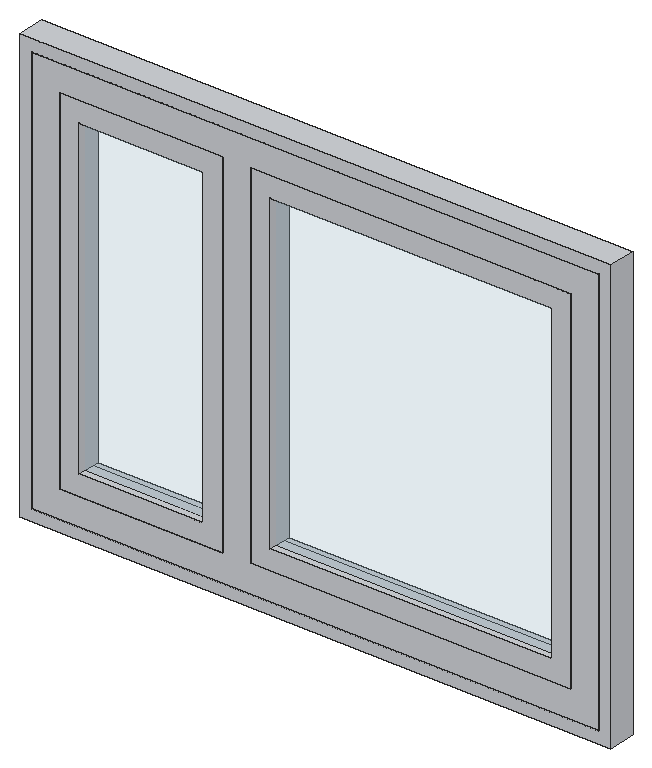
Revit family "AVLN_Окно_2 створки", category Окна, Revit 2021
Family settings
  Основа = Стена
  Номер OmniClass = 23.30.20.00
  Заголовок OmniClass = Windows
  Всегда вертикально = Да
  При загрузке вырезать с полостями = Нет
  Общий = Нет
  Точка принадлежности помещению = Нет
Parameters (values of type "1100х1500")
  Ширина рамы = 70 mm
  Ширина импоста = 50 mm
  Четверть слева/справа = 50 mm
  Четверть низ = 0 mm  # constant formula
  Четверть верх = 50 mm
  Створка_толщина = 25 mm  # constant formula
  Толщина основы [instance] = 200 mm
  Створка_справа_ширина = Width - ((Ширина рамы * 3) + (Монтажный зазор * 2) + Створка_слева_ширина)  # 815 mm
  Створка_слева_ширина = 415 mm
  Створка_профиль = 50 mm
  Створка_высота = Height - Монтажный зазор * 2 - Ширина рамы * 2  # 900 mm
  Рабочая зона = no
  Определить тепловые свойства по = Тип схем
  Группа модели = "Окно"
  Верх право открывание = АВЛН_Створка открывная : Створка откидная
  Верх лево открывание = АВЛН_Створка открывная : Створка откидная
  Rough Width = Width - Монтажный зазор * 2  # 1440 mm
  Rough Height = Height - Монтажный зазор * 2  # 1040 mm
  Подстановочный профиль_Ширина = 20 mm  # constant formula
  Подстановочный профиль_Толщина = 60 mm
  Подоконник_Толщина = 20 mm
  Подоконник_Длина = Width  # 1500 mm
  Подоконник_Глубина = 280 mm
  Подоконник = no
  Низ право открывание = АВЛН_Створка открывная : Створка глухая
  Низ лево открывание = АВЛН_Створка открывная : Створка глухая
  Глубина вставки = 0 mm
  Отлив_Толщина = 1 mm  # constant formula
  Отлив_Длина = Width - [Четверть слева/справа] * 2  # 1400 mm
  Отлив_Глубина = 280 mm
  Отлив = no
  Откос_Н.Ширина = Width - 2 * [Четверть слева/справа]  # 1400 mm
  Откос_Н.Толщина.8 = 32 mm
  Откос_Н.Толщина.7 = 28 mm
  Откос_Н.Толщина.6 = 24 mm
  Откос_Н.Толщина.5 = 20 mm
  Откос_Н.Толщина.4 = 16 mm
  Откос_Н.Толщина.3 = 12 mm
  Откос_Н.Толщина.2 = 8 mm
  Откос_Н.Толщина.1 = 4 mm
  Откос_Н.Отступ_П = 0 mm  # constant formula
  Откос_Н.Отступ_Л = 0 mm  # constant formula
  Откос_Н.Количество слоев = 0
  Откос_Н.Глубина = 150 mm
  Откос_Н.Высота = Height - Четверть верх - Четверть низ  # 1050 mm
  Откос_В.Толщина.8 = 32 mm
  Откос_В.Толщина.7 = 28 mm
  Откос_В.Толщина.6 = 24 mm
  Откос_В.Толщина.5 = 20 mm
  Откос_В.Толщина.4 = 16 mm
  Откос_В.Толщина.3 = 12 mm
  Откос_В.Толщина.2 = 8 mm
  Откос_В.Толщина.1 = 4 mm
  Откос_В.Отступ_П [instance] = Монтажный зазор + Подоконник_Толщина  # 50 mm
  Откос_В.Отступ_Л [instance] = Монтажный зазор + Подоконник_Толщина  # 50 mm
  Откос_В.Количество слоев = 0
  Откос_В.Глубина [instance] = Толщина основы - Глубина вставки - Ширина рамы  # 130 mm
  Монтажный зазор = 30 mm
  М.Подоконник = none
  М.Отлив = none
  М.Откос_Н.8 = none
  М.Откос_Н.7 = none
  М.Откос_Н.6 = none
  М.Откос_Н.5 = none
  М.Откос_Н.4 = none
  М.Откос_Н.3 = none
  М.Откос_Н.2 = none
  М.Откос_Н.1 = ADSK_Полимеры_ Поливинилхлорид_(ПВХ) белый
  М.Откос_В.8 = none
  М.Откос_В.7 = none
  М.Откос_В.6 = none
  М.Откос_В.5 = none
  М.Откос_В.4 = none
  М.Откос_В.3 = none
  М.Откос_В.2 = none
  М.Откос_В.1 = ADSK_Полимеры_ Поливинилхлорид_(ПВХ) белый
  М.Монтажного зазора = none
  М.Стекла = Стекло
  М.Рамы = none
  М.Подоконный профиль = none
  Type Comments = ""
  Height = 1100 mm
  Высота подоконника по умолчанию = 800 mm
  Замыкание стены = По основе
  Width = 1500 mm
  Аналитическая конструкция = "<Нет>"
  АВЛН_Проем_Ширина [instance] = Width  # 1500 mm
  АВЛН_Проем_Высота [instance] = Height  # 1100 mm
  ADSK_Этаж [instance] = ""
  ADSK_Размер_Ширина = Width  # 1500 mm
  ADSK_Размер_Высота = Height  # 1100 mm
  ADSK_Примечание [instance] = ""
  ADSK_Обозначение = "ГОСТ 30674-99"
  ADSK_Номер секции [instance] = ""
  ADSK_Наименование = "ОП Б2 (4М1-12-4М1-12-И4)"
  ADSK_Марка = ""
  ADSK_Группирование = ""
  -----------Разрезка----------- = "-----------"  # constant formula
  -----------Профили----------- = "-----------"  # constant formula
  -----------Подоконник----------- = "-----------"  # constant formula
  -----------Отлив----------- = "-----------"  # constant formula
  -----------Откос----------- = "-----------"  # constant formula
  -----------Основные габариты----------- = "-----------"  # constant formula
  -----------Вставка----------- = "-----------"  # constant formula
Types (3, lengths in mm): name | Створка_справа_ширина | Створка_слева_ширина | Створка_высота | Рабочая зона | Верх право открывание | Верх лево открывание | Rough Width | Rough Height | Подоконник_Длина | Подоконник | Отлив_Длина | Отлив | Откос_Н.Ширина | Откос_Н.Высота | М.Стекла | М.Рамы | Height | Width | АВЛН_Проем_Ширина | АВЛН_Проем_Высота | ADSK_Размер_Ширина | ADSK_Размер_Высота
  1100х1500 | 815 | 415 | 900 | no | АВЛН_Створка открывная : Створка откидная | АВЛН_Створка открывная : Створка откидная | 1440 | 1040 | 1500 | no | 1400 | no | 1400 | 1050 | Стекло | none | 1100 | 1500 | 1500 | 1100 | 1500 | 1100
  ОК-9.1 2150х1850 | 790 | 790 | 1950 | yes | АВЛН_Створка открывная : Створка повороно-откидная правая | АВЛН_Створка открывная : Створка глухая | 1790 | 2090 | 1850 | yes | 1750 | yes | 1750 | 2100 | ADSK_Стекло_Прозрачное бесцветное | RAL 7016 | 2150 | 1850 | 1850 | 2150 | 1850 | 2150
  ОК-9 1850х1850 | 790 | 790 | 1650 | yes | АВЛН_Створка открывная : Створка повороно-откидная правая | АВЛН_Створка открывная : Створка глухая | 1790 | 1790 | 1850 | yes | 1750 | yes | 1750 | 1800 | ADSK_Стекло_Прозрачное бесцветное | RAL 7016 | 1850 | 1850 | 1850 | 1850 | 1850 | 1850
Reference planes
  plane 1 "По центру (Вперед/Назад)": y = 0
  plane 2 "По центру (Влево/Вправо)": x = 0
  plane 3 "Слева": x = -750
  plane 4 "Справа": x = 750
  plane 5 "Подоконник": z = 800
  plane 6 "Заголовок": z = 1900
  plane 7 "Наружный": y = 100
  plane 8 "Внутренние": y = -100
  plane 9 "Окно": y = 100
  plane 10: x = 720
  plane 11: z = 1870
  plane 12: x = -720
  plane 13: z = 830
  plane 14: x = 700
  plane 15: x = -700
  plane 16: z = 1350
  plane 17: y = 600
  plane 18: y = -400
  plane 19: z = 1850
  plane 20 "Чет. низ": z = 800
  plane 21 "Внутряння грань": y = 30
  plane 22: y = 80
  plane 23: z = 900
  plane 24: z = 1800
  plane 25: x = -650
  plane 26: x = 650
  plane 27 "5": x = -235
  plane 28 "6": x = -165
  plane 29 "9": x = 0
  plane 30 "10": x = 242.5
  plane 31 "11": x = -442.5
  plane 32: y = -785
Forms (mm)
  Extrusion 1, void
    sketch origin (0, 100, 0) x (1, 0, 0) y (0, 0, 1)
      loop
        line (700, 1850) -> (-700, 1850) -> (-700, 800) -> (700, 800) -> (700, 1850)
    from -500 to 20
  Extrusion 2, void
    sketch origin (0, 100, 0) x (1, 0, 0) y (0, 0, 1)
      loop
        line (750, 1900) -> (-750, 1900) -> (-750, 800) -> (750, 800) -> (750, 1900)
    from 0 to 500
  Extrusion 3, solid, material <- "М.Монтажного зазора", detail levels medium+fine
    sketch origin (0, 100, 0) x (1, 0, 0) y (0, 0, 1)
      loop
        line (750, 1900) -> (-750, 1900) -> (-750, 800) -> (750, 800) -> (750, 1900)
      loop
        line (-720, 1870) -> (-720, 830) -> (720, 830) -> (720, 1870) -> (-720, 1870)
    from 0 to 70
  Extrusion 4, solid, material <- "М.Рамы", detail levels medium+fine
    sketch origin (0, 100, 0) x (-1, 0, 0) y (0, 0, 1)
      loop
        line (-720, 1870) -> (-720, 830) -> (720, 830) -> (720, 1870) -> (-720, 1870)
      loop
        line (235, 1800) -> (235, 900) -> (650, 900) -> (650, 1800) -> (235, 1800)
      loop
        line (165, 1800) -> (-650, 1800) -> (-650, 900) -> (165, 900) -> (165, 1800)
    from -70 to 0
Lines and regions (mm)
  reference lines
    curve 1: line (-200, -100, 1900) -> (-200, -100, 800)
  model lines, style "Рабочая зона", visible <- "Рабочая зона"
    curve 2: line (750, 30, 800) -> (750, -785, 800)
    curve 3: line (-750, 30, 800) -> (-750, -785, 800)
    curve 4: line (-750, -785, 800) -> (750, -785, 800)
Text (mm)
  text "EXTERIOR" at (-1963.203, 1332.353, 0), in view "Опорный уровень"
  text "INTERIOR" at (-1981.466, -818.386, 0), in view "Опорный уровень"
  text "Наружный" at (0, 923.751, 2943.296), in view "Справа"
  text "Наружный" at (0, 1240.237, 2685.409), in view "Слева"
Dimensions and locks
  equal spacing: plane 3 "Слева", plane 2 "По центру (Влево/Вправо)", plane 4 "Справа"
  "Width": plane 3 "Слева" to plane 4 "Справа"
  "Height": plane 5 "Подоконник" to plane 6 "Заголовок"
  "Высота подоконника по умолчанию": plane 5 "Подоконник" to level
  locked: plane 7 "Наружный" to host wall
  locked: plane 8 "Внутренние" to host wall
  "Глубина вставки": plane 9 "Окно" to plane 7 "Наружный"
  "Монтажный зазор": plane 10 to plane 4 "Справа"
  "Монтажный зазор": plane 3 "Слева" to plane 12
  "Монтажный зазор": plane 11 to plane 6 "Заголовок"
  "Монтажный зазор": plane 5 "Подоконник" to plane 13
  "Четверть слева/справа": plane 14 to plane 4 "Справа"
  "Четверть слева/справа": plane 3 "Слева" to plane 15
  equal spacing: plane 5 "Подоконник", plane 16, plane 6 "Заголовок"
  plane 7 "Наружный" to plane 17 = 500 mm
  locked: plane 18 to plane 8 "Внутренние" at 300
  "Четверть верх": plane 19 to plane 6 "Заголовок"
  "Четверть низ": plane 5 "Подоконник" to plane 20 "Чет. низ"
  "Ширина рамы": plane 9 "Окно" to plane 21 "Внутряння грань"
  "Толщина основы": host wall to host wall
  locked: plane 22 to plane 21 "Внутряння грань" at 50
  "Ширина рамы": plane 26 to plane 10
  "Ширина рамы": plane 12 to plane 25
  "Ширина рамы": plane 13 to plane 23
  "Ширина рамы": plane 24 to plane 11
  "Створка_слева_ширина": plane 25 to plane 27 "5"
  "Ширина рамы": plane 27 "5" to plane 28 "6"
  equal spacing: plane 27 "5", curve 1, plane 28 "6"
  equal spacing: plane 28 "6", plane 30 "10", plane 26
  equal spacing: plane 25, plane 31 "11", plane 27 "5"
  plane 28 "6" to nested 6 to plane 26 = 407.5 mm, 407.5 mm
  "Створка_справа_ширина": plane 21 "Внутряння грань" to plane 32
  aligned and locked: Extrusion 1 sketch curve to plane 14
  aligned and locked: plane 15 to Extrusion 1 sketch curve
  aligned and locked: plane 17 to Extrusion 1
  aligned and locked: Extrusion 2 sketch curve to plane 6 "Заголовок"
  aligned and locked: Extrusion 2 sketch curve to plane 4 "Справа"
  aligned and locked: plane 5 "Подоконник" to Extrusion 2 sketch curve
  aligned and locked: plane 3 "Слева" to Extrusion 2 sketch curve
  aligned and locked: plane 9 "Окно" to Extrusion 2
  aligned and locked: Extrusion 2 to plane 18
  aligned and locked: Extrusion 1 sketch curve to plane 19
  aligned and locked: plane 20 "Чет. низ" to Extrusion 1 sketch curve
  aligned and locked: plane 9 "Окно" to nested 1
  aligned and locked: plane 2 "По центру (Влево/Вправо)" to nested 1
  aligned and locked: nested 2 to plane 21 "Внутряння грань"
  aligned and locked: nested 2 to plane 2 "По центру (Влево/Вправо)"
  aligned and locked: nested 3 to plane 2 "По центру (Влево/Вправо)"
  aligned and locked: plane 8 "Внутренние" to nested 3
  aligned and locked: nested 4 to plane 9 "Окно"
  aligned and locked: Extrusion 3 sketch curve to plane 6 "Заголовок"
  aligned and locked: Extrusion 3 sketch curve to plane 4 "Справа"
  aligned and locked: Extrusion 3 sketch curve to nested 2  (x2)
  aligned and locked: Extrusion 3 sketch curve to plane 11
  aligned and locked: Extrusion 3 sketch curve to plane 12
  aligned and locked: Extrusion 3 sketch curve to plane 13
  aligned and locked: plane 10 to Extrusion 3 sketch curve
  aligned and locked: Extrusion 3 to nested 2
  aligned and locked: plane 12 to Extrusion 4 sketch curve
  aligned and locked: plane 13 to Extrusion 4 sketch curve
  aligned and locked: Extrusion 4 sketch curve to plane 24
  aligned and locked: Extrusion 4 sketch curve to plane 11
  aligned and locked: plane 20 "Чет. низ" to nested 4
  aligned and locked: nested 4 to plane 2 "По центру (Влево/Вправо)"
  aligned and locked: plane 9 "Окно" to Extrusion 3
  aligned and locked: Extrusion 4 to plane 21 "Внутряння грань"
  aligned and locked: plane 9 "Окно" to Extrusion 4
  aligned and locked: Extrusion 1 to plane 22
  aligned and locked: Extrusion 4 sketch curve to plane 10
  aligned and locked: plane 24 to Extrusion 4 sketch curve
  aligned and locked: Extrusion 4 sketch curve to plane 23
  aligned and locked: Extrusion 4 sketch curve to plane 26
  aligned and locked: Extrusion 4 sketch curve to plane 28 "6"
  aligned and locked: plane 6 "Заголовок" to curve 1
  aligned and locked: plane 5 "Подоконник" to curve 1
  aligned and locked: plane 30 "10" to nested 6
  aligned and locked: plane 31 "11" to nested 5
  aligned and locked: plane 23 to Extrusion 4
  aligned and locked: plane 16 to nested 5
  aligned and locked: plane 16 to nested 6
  aligned and locked: plane 3 "Слева" to curve 3
  aligned and locked: plane 4 "Справа" to curve 2
  aligned and locked: curve 4 to plane 32
Automatic sketch dimensions
  plane 25 to Extrusion 4 sketch curve = 0 mm
  plane 23 to Extrusion 4 sketch curve = 0 mm
  plane 27 "5" to Extrusion 4 sketch curve = 0 mm
  curve 3 to plane 21 "Внутряння грань" = 0 mm
  curve 2 to plane 21 "Внутряння грань" = 0 mm
Nested families
  nested 1: "Отлив" at (0, 100, 800) x (-1, 0, 0) z (0, 0, 1), Глубина отлива <- "Отлив_Глубина", Длина отлива <- "Отлив_Длина", ТО <- "Отлив_Толщина", Ш_МЗЗ <- "Монтажный зазор", Ш_ПП <- "Подстановочный профиль_Ширина", ADSK_Группирование <- "ADSK_Группирование", ADSK_Номер секции <- "ADSK_Номер секции", ADSK_Этаж <- "ADSK_Этаж", visible <- "Отлив", М <- "М.Отлив", type "Отлив", detail levels fine
    with Ш_ПП 20 mm, Ш_МЗЗ 30 mm, ТО 1 mm, М none, Длина отлива 1400 mm, Глубина отлива 280 mm, ADSK_Этаж "", ADSK_Примечание "", ADSK_Обозначение "", ADSK_Номер секции "", ADSK_Наименование "", ADSK_Марка "", ADSK_Группирование ""
  nested 2: "Подоконник" at (0, 30, 800), Глубина подоконника <- "Подоконник_Глубина", Длина отлива <- "Подоконник_Длина", ТП <- "Подоконник_Толщина", Ш_МЗЗ <- "Монтажный зазор", Ш_ПП <- "Подстановочный профиль_Ширина", ADSK_Группирование <- "ADSK_Группирование", ADSK_Этаж <- "ADSK_Этаж", visible <- "Подоконник", М <- "М.Подоконник", type "Подоконник", detail levels fine
    with Ш_ПП 20 mm, Ш_МЗЗ 30 mm, ТП 20 mm, М none, Длина отлива 1500 mm, Глубина подоконника 280 mm, ADSK_Этаж "", ADSK_Размер_Длина 1500 mm, ADSK_Размер_Глубина 280 mm, ADSK_Номер секции "", ADSK_Марка "", ADSK_Группирование ""
  nested 3: "AVLN_Откосы_R19" at (0, -100, 0), Глубина <- "Откос_В.Глубина", Высота от уровня <- "Высота подоконника по умолчанию", ADSK_Группирование <- "Type Comments", ADSK_Этаж <- "ADSK_Этаж", ADSK_Номер секции <- "ADSK_Номер секции", Материал_1 <- "М.Откос_В.1", Материал_2 <- "М.Откос_В.2", Материал_3 <- "М.Откос_В.3", Материал_4 <- "М.Откос_В.4", Материал_5 <- "М.Откос_В.5", Материал_6 <- "М.Откос_В.6", Материал_7 <- "М.Откос_В.7", Материал_8 <- "М.Откос_В.8", Толщина_1 <- "Откос_В.Толщина.1", Толщина_2 <- "Откос_В.Толщина.2", Толщина_3 <- "Откос_В.Толщина.3", Толщина_4 <- "Откос_В.Толщина.4", Толщина_5 <- "Откос_В.Толщина.5", Толщина_6 <- "Откос_В.Толщина.6", Толщина_7 <- "Откос_В.Толщина.7", Толщина_8 <- "Откос_В.Толщина.8", Количество слоев <- "Откос_В.Количество слоев", Отступ_Л <- "Откос_В.Отступ_Л", Отступ_П <- "Откос_В.Отступ_П", Высота <- "Height", Ширина <- "Width", type "AVLN_Откосы_R19"
    with Ширина_8 1276 mm, Ширина_7 1332 mm, Ширина_6 1380 mm, Ширина_5 1420 mm, Ширина_4 1452 mm, Ширина_3 1476 mm, Ширина_2 1492 mm, Ширина 1500 mm, Толщина_8 32 mm, Толщина_7 28 mm, Толщина_6 24 mm, Толщина_5 20 mm, Толщина_4 16 mm, Толщина_3 12 mm, Толщина_2 8 mm, Толщина_1 4 mm, Отступ_П 50 mm, Отступ_Л 50 mm, Материал_8 none, Материал_7 none, Материал_6 none, Материал_5 none, Материал_4 none, Материал_3 none, Материал_2 none, Материал_1 ADSK_Полимеры_ Поливинилхлорид_(ПВХ) белый, Количество слоев 0, Глубина 130 mm, Высота_8 988 mm, Высота_7 1016 mm, Высота_6 1040 mm, Высота_5 1060 mm, Высота_4 1076 mm, Высота_3 1088 mm, Высота_2 1096 mm, Высота от уровня 800 mm, Высота 1100 mm, Видимость_8 no, Видимость_7 no, Видимость_6 no, Видимость_5 no, Видимость_4 no, Видимость_3 no, Видимость_2 no, Видимость_1 no, ADSK_Этаж "", ADSK_Номер секции "", ADSK_Группирование ""
  nested 4: "AVLN_Откосы_R19" at (0, 100, 0), Ширина <- "Откос_Н.Ширина", Глубина <- "Откос_Н.Глубина", Высота <- "Откос_Н.Высота", Высота от уровня <- "Высота подоконника по умолчанию", ADSK_Группирование <- "Type Comments", ADSK_Этаж <- "ADSK_Этаж", ADSK_Номер секции <- "ADSK_Номер секции", Материал_1 <- "М.Откос_Н.1", Материал_2 <- "М.Откос_Н.2", Материал_3 <- "М.Откос_Н.3", Материал_4 <- "М.Откос_Н.4", Материал_5 <- "М.Откос_Н.5", Материал_6 <- "М.Откос_Н.6", Материал_7 <- "М.Откос_Н.7", Материал_8 <- "М.Откос_Н.8", Толщина_1 <- "Откос_Н.Толщина.1", Толщина_2 <- "Откос_Н.Толщина.2", Толщина_3 <- "Откос_Н.Толщина.3", Толщина_4 <- "Откос_Н.Толщина.4", Толщина_5 <- "Откос_Н.Толщина.5", Толщина_6 <- "Откос_Н.Толщина.6", Толщина_7 <- "Откос_Н.Толщина.7", Толщина_8 <- "Откос_Н.Толщина.8", Количество слоев <- "Откос_Н.Количество слоев", Отступ_Л <- "Откос_Н.Отступ_Л", Отступ_П <- "Откос_Н.Отступ_П", type "AVLN_Откосы_R19"
    with Ширина_8 1176 mm, Ширина_7 1232 mm, Ширина_6 1280 mm, Ширина_5 1320 mm, Ширина_4 1352 mm, Ширина_3 1376 mm, Ширина_2 1392 mm, Ширина 1400 mm, Толщина_8 32 mm, Толщина_7 28 mm, Толщина_6 24 mm, Толщина_5 20 mm, Толщина_4 16 mm, Толщина_3 12 mm, Толщина_2 8 mm, Толщина_1 4 mm, Отступ_П 0 mm, Отступ_Л 0 mm, Материал_8 none, Материал_7 none, Материал_6 none, Материал_5 none, Материал_4 none, Материал_3 none, Материал_2 none, Материал_1 ADSK_Полимеры_ Поливинилхлорид_(ПВХ) белый, Количество слоев 0, Глубина 150 mm, Высота_8 938 mm, Высота_7 966 mm, Высота_6 990 mm, Высота_5 1010 mm, Высота_4 1026 mm, Высота_3 1038 mm, Высота_2 1046 mm, Высота от уровня 800 mm, Высота 1050 mm, Видимость_8 no, Видимость_7 no, Видимость_6 no, Видимость_5 no, Видимость_4 no, Видимость_3 no, Видимость_2 no, Видимость_1 no, ADSK_Этаж "", ADSK_Номер секции "", ADSK_Группирование ""
  nested 5: "АВЛН_Створка открывная" at (-442.5, 30, 1350) x (1, 0, 0) z (0, 1, 0), type <- "Верх лево открывание", Створка высота <- "Створка_высота", Створка ширина <- "Створка_слева_ширина", Ширина рамы <- "Створка_профиль", Материал_Ручки <- "М.Рамы", Материал_Рама <- "М.Рамы", Материал_Стеклопакет <- "М.Стекла", type "Створка откидная", detail levels medium+fine
    with Ширина рамы 50 mm, Створка ширина 415 mm, Створка высота 900 mm, Материал_Стеклопакет Стекло, Материал_Ручки none, Материал_Рама none, Width 415 mm, Height 900 mm
  nested 6: "АВЛН_Створка открывная" at (242.5, 30, 1350) x (1, 0, 0) z (0, 1, 0), type <- "Верх право открывание", Створка высота <- "Створка_высота", Створка ширина <- "Створка_справа_ширина", Ширина рамы <- "Створка_профиль", Материал_Ручки <- "М.Рамы", Материал_Рама <- "М.Рамы", Материал_Стеклопакет <- "М.Стекла", type "Створка откидная", detail levels medium+fine
    with Ширина рамы 50 mm, Створка ширина 815 mm, Створка высота 900 mm, Материал_Стеклопакет Стекло, Материал_Ручки none, Материал_Рама none, Width 415 mm, Height 900 mm
Definition of nested family "Отлив"
  Parameters (values of type "Отлив")
    Ш_ПП [instance] = 50 mm
    Ш_МЗЗ [instance] = 35 mm
    ТО [instance] = 1 mm
    Default Elevation = 1219.2 mm
    М [instance] = none
    Длина отлива [instance] = 1560 mm
    Глубина отлива [instance] = 280 mm
    ADSK_Этаж [instance] = ""
    ADSK_Примечание [instance] = ""
    ADSK_Обозначение [instance] = ""
    ADSK_Номер секции [instance] = ""
    ADSK_Наименование [instance] = ""
    ADSK_Марка [instance] = ""
    ADSK_Группирование [instance] = ""
  Reference planes
    plane 1 "По центру (Вперед/Назад)": y = 0
    plane 2: z = 0
    plane 3 "По центру (Влево/Вправо)": x = 0
    plane 4: y = -280
    plane 5: x = -780
    plane 6: x = 780
    plane 7: z = 35
    plane 8: z = 85
    plane 9: y = -1
    plane 10: y = -300
    plane 11: y = -301
    plane 12: z = -35
    plane 13: z = 34
  Forms (mm)
    Extrusion 1, solid, material <- "М"
      sketch origin (0, 0, 0) x (0, 1, 0) y (0, 0, 1)
        loop
          line (0, 85) -> (-1, 85) -> (-1, 34.893) -> (-301, 0.893) -> (-301, -35) -> (-300, -35) -> (-300, 0) -> (0, 34) -> (0, 85)
      from -780 to 780
  Dimensions and locks
    equal spacing: plane 5, plane 3 "По центру (Влево/Вправо)", plane 6
    "Длина отлива": plane 5 to plane 6
    "Глубина отлива": plane 4 to plane 1 "По центру (Вперед/Назад)"
    "Ш_МЗЗ": plane 7 to level
    "Ш_ПП": plane 8 to plane 7
    "ТО": plane 1 "По центру (Вперед/Назад)" to plane 9
    "ТО": plane 10 to plane 11
    locked: level to plane 12 at 35
    "ТО": plane 7 to plane 13
    "ТО": Extrusion 1 sketch curve to Extrusion 1 sketch curve
    locked: plane 4 to plane 10 at 20
    aligned and locked: level to plane 2
    aligned and locked: plane 8 to Extrusion 1 sketch curve
    aligned and locked: plane 9 to Extrusion 1 sketch curve
    aligned and locked: plane 11 to Extrusion 1 sketch curve
    aligned and locked: plane 12 to Extrusion 1 sketch curve
    aligned and locked: plane 1 "По центру (Вперед/Назад)" to Extrusion 1 sketch curve  (x2)
    aligned and locked: plane 13 to Extrusion 1 sketch curve
    aligned and locked: level to Extrusion 1 sketch curve
    aligned and locked: plane 10 to Extrusion 1 sketch curve
    aligned and locked: plane 6 to Extrusion 1
    aligned and locked: Extrusion 1 to plane 5
Definition of nested family "Подоконник"
  Parameters (values of type "Подоконник")
    Ш_ПП [instance] = 50 mm
    Ш_МЗЗ [instance] = 35 mm
    ТП [instance] = 20 mm
    Default Elevation = 1219.2 mm
    М [instance] = none
    Длина отлива [instance] = 1560 mm
    Model = "Подоконная доска"
    Глубина подоконника [instance] = 280 mm
    ADSK_Этаж [instance] = ""
    ADSK_Размер_Длина [instance] = Длина отлива  # 1560 mm
    ADSK_Размер_Глубина [instance] = Глубина подоконника  # 280 mm
    ADSK_Обозначение = "ГОСТ 30673-93"
    ADSK_Номер секции [instance] = ""
    ADSK_Наименование = "Подоконная доска ПВХ"
    ADSK_Марка [instance] = ""
    ADSK_Группирование [instance] = ""
  Reference planes
    plane 1 "По центру (Вперед/Назад)": y = 0
    plane 2: z = 0
    plane 3 "По центру (Влево/Вправо)": x = 0
    plane 4: y = -280
    plane 5: x = -780
    plane 6: x = 780
    plane 7: z = 35
    plane 8: z = 85
    plane 9: y = -20
    plane 10: y = -290
    plane 11: y = -310
    plane 12: z = -35
    plane 13: z = 15
    plane 14: z = 65
  Forms (mm)
    Extrusion 1, solid, material <- "М"
      sketch origin (0, 0, 0) x (0, 1, 0) y (0, 0, 1)
        loop
          line (0, 85) -> (-310, 85) -> (-310, 0) -> (-290, 0) -> (-290, 65) -> (0, 65) -> (0, 85)
      from -780 to 780
  Dimensions and locks
    equal spacing: plane 5, plane 3 "По центру (Влево/Вправо)", plane 6
    "Длина отлива": plane 5 to plane 6
    "Глубина подоконника": plane 4 to plane 1 "По центру (Вперед/Назад)"
    "Ш_МЗЗ": plane 7 to level
    "Ш_ПП": plane 8 to plane 7
    "ТП": plane 1 "По центру (Вперед/Назад)" to plane 9
    "ТП": plane 10 to plane 11
    locked: level to plane 12 at 35
    "ТП": plane 7 to plane 13
    locked: plane 4 to plane 10 at 10
    "ТП": plane 8 to plane 14
    aligned and locked: level to plane 2
    aligned and locked: plane 8 to Extrusion 1 sketch curve
    aligned and locked: plane 1 "По центру (Вперед/Назад)" to Extrusion 1 sketch curve
    aligned and locked: plane 10 to Extrusion 1 sketch curve
    aligned and locked: plane 11 to Extrusion 1 sketch curve
    aligned and locked: level to Extrusion 1 sketch curve
    aligned and locked: plane 14 to Extrusion 1 sketch curve
    aligned and locked: Extrusion 1 to plane 5
    aligned and locked: plane 6 to Extrusion 1
Definition of nested family "АВЛН_Створка открывная"
  Parameters (values of type "Створка повороно-откидная правая")
    Ширина рамы [instance] = 50 mm
    Width = 600 mm
    Створка ширина [instance] = 800 mm
    Створка высота [instance] = 700 mm
    Материал_Стеклопакет [instance] = none
    Поворотная Правая = yes
    Поворотная Левая = no
    Default Elevation = 1219.2 mm
    Открываная = yes
    Откидная = yes
    Материал_Ручки [instance] = none
    Материал_Рама [instance] = none
    Левая = yes
    Глухое = no
    Height = 1150 mm
    Analytic Construction = "<Нет>"
  Types (6, lengths in mm): name | Width | Поворотная Правая | Поворотная Левая | Открываная | Откидная | Глухое | Height
    Створка повороно-откидная правая | 600 | yes | no | yes | yes | no | 1150
    Створка повороно-откидная левая | 600 | no | yes | yes | yes | no | 1150
    Створка глухая | 600 | no | no | no | no | yes | 1150
    Створка откидная | 1300 | no | no | yes | yes | no | 1700
    Створка поворотная правая | 600 | yes | no | yes | no | no | 1150
    Створка поворотная левая | 600 | no | yes | yes | no | no | 1150
  Reference planes
    plane 1 "По центру (Вперед/Назад)": y = 0
    plane 2 "Внутрення грань": z = 0
    plane 3 "По центру (Влево/Вправо)": x = 0
    plane 4: y = 350
    plane 5: x = 400
    plane 6: y = -350
    plane 7: x = -400
    plane 8 "Наружняя грань": z = 60.433
    plane 9 "По центру Л/Р": z = 30.216
  Forms (mm)
    Extrusion 1, solid
      sketch origin (0, 0, 0) x (1, 0, 0) y (0, 1, 0)
        loop
          line (-1219.2, 1219.2) -> (-1219.2, -1219.2) -> (1219.2, -1219.2) -> (1219.2, 1219.2) -> (-1219.2, 1219.2)
      from 0 to -304.8
    Sweep 2, solid, material <- "Материал_Рама", visible <- "Открываная"
      path origin (0, 0, 0) x (1, 0, 0) y (0, 1, 0)
        loop
          line (400, 350) -> (-400, 350) -> (-400, -350) -> (400, -350) -> (400, 350)
      profile origin (0, 350, 0) x (0, -1, 0) y (0, 0, 1)
        loop
          line (0, 0) -> (50, 0) -> (50, 60.433) -> (0, 60.433) -> (0, 0)
    Extrusion 3, solid, material <- "Материал_Стеклопакет", visible <- "Открываная"
      sketch origin (0, 0, 0) x (1, 0, 0) y (0, 1, 0)
        loop
          line (-350, 300) -> (-350, -300) -> (350, -300) -> (350, 300) -> (-350, 300)
      from 17.481 to 42.952
    Extrusion 4, solid, material <- "Материал_Стеклопакет", visible <- "Глухое"
      sketch origin (0, 0, 0) x (1, 0, 0) y (0, 1, 0)
        loop
          line (-400, 350) -> (-400, -350) -> (400, -350) -> (400, 350) -> (-400, 350)
      from 17.481 to 42.952
  Lines and regions (mm)
    model lines, visible <- "Глухое", detail levels medium+fine
      curve 1: line (0, 50, 60.433) -> (0, -50, 60.433)
      curve 2: line (50, 0, 60.433) -> (-50, 0, 60.433)
      curve 17: line (0, 50, 0) -> (0, -50, 0)
      curve 18: line (50, 0, 0) -> (-50, 0, 0)
    model lines, visible <- "Глухое", not visible, detail levels medium+fine
      curve 3: line (60, 38.001, 60.433) -> (60, -61.999, 60.433)
      curve 4: line (110, -11.999, 60.433) -> (10, -11.999, 60.433)
    model lines, visible <- "Поворотная Правая", detail levels medium+fine
      curve 5: line (400, 350, 0) -> (-400, 0, 0)
      curve 6: line (400, -350, 0) -> (-400, 0, 0)
      curve 13: line (400, 350, 60.433) -> (-400, 0, 60.433)
      curve 14: line (400, -350, 60.433) -> (-400, 0, 60.433)
    model lines, visible <- "Откидная", detail levels medium+fine
      curve 7: line (-400, -350, 0) -> (0, 350, 0)
      curve 8: line (0, 350, 0) -> (400, -350, 0)
      curve 15: line (-400, -350, 60.433) -> (0, 350, 60.433)
      curve 16: line (0, 350, 60.433) -> (400, -350, 60.433)
    model lines, visible <- "Поворотная Левая", detail levels medium+fine
      curve 9: line (-400, 350, 0) -> (400, 0, 0)
      curve 10: line (-400, -350, 0) -> (400, 0, 0)
      curve 11: line (-400, 350, 60.433) -> (400, 0, 60.433)
      curve 12: line (-400, -350, 60.433) -> (400, 0, 60.433)
  Dimensions and locks
    "Створка высота": plane 4 to plane 6
    "Створка ширина": plane 7 to plane 5
    equal spacing: plane 7, plane 3 "По центру (Влево/Вправо)", plane 5
    equal spacing: plane 6, plane 1 "По центру (Вперед/Назад)", plane 4
    plane 2 "Внутрення грань" to plane 8 "Наружняя грань" = 60.433 mm
    level to Extrusion 4 = 42.952 mm
    plane 8 "Наружняя грань" to level = 60.433 mm
    equal spacing: Extrusion 3, plane 9 "По центру Л/Р", Extrusion 3
    equal spacing: plane 8 "Наружняя грань", plane 9 "По центру Л/Р", level
    Extrusion 3 to Extrusion 3 = 25.471 mm
    "Ширина рамы": profile plane to Sweep 2 sketch curve
    equal spacing: Extrusion 4, plane 9 "По центру Л/Р", Extrusion 4, locked at 12.735 each
    locked: Extrusion 4 to Extrusion 4 at 25.471
    equal spacing: Sweep 2, nested 1, Sweep 2
    equal spacing: Sweep 2, nested 2, Sweep 2
    aligned and locked: plane 2 "Внутрення грань" to Extrusion 1
    aligned and locked: level to Extrusion 1
    aligned and locked: plane 4 to Sweep 2 sketch curve
    aligned and locked: plane 5 to Sweep 2 sketch curve
    aligned and locked: plane 6 to Sweep 2 sketch curve
    aligned and locked: Sweep 2 sketch curve to plane 7
    aligned and locked: Extrusion 3 sketch curve to Sweep 2  (x4)
    aligned and locked: Extrusion 4 sketch curve to Sweep 2  (x3)
    aligned and locked: Extrusion 4 sketch curve to plane 5
    aligned and locked: Sweep 2 sketch curve to plane 8 "Наружняя грань"
    aligned and locked: plane 6 to Extrusion 4
    aligned and locked: plane 4 to Extrusion 4
    aligned and locked: curve 2 to plane 1 "По центру (Вперед/Назад)"
    aligned and locked: curve 1 to plane 3 "По центру (Влево/Вправо)"
    aligned and locked: curve 18 to plane 1 "По центру (Вперед/Назад)"
    aligned and locked: curve 17 to plane 3 "По центру (Влево/Вправо)"
    aligned and locked: nested 2 to plane 1 "По центру (Вперед/Назад)"
    aligned and locked: nested 1 to plane 1 "По центру (Вперед/Назад)"
  Automatic sketch dimensions
    Extrusion 1 sketch curve to Extrusion 1 sketch curve = 2438.4 mm  (x2)
    plane 1 "По центру (Вперед/Назад)" to curve 5 = 0 mm
    curve 5 to plane 7 = 0 mm
    curve 9 to plane 4 = 0 mm
    curve 9 to plane 7 = 0 mm
    plane 6 to curve 7 = 0 mm
    curve 7 to plane 7 = 0 mm
    curve 7 to plane 3 "По центру (Влево/Вправо)" = 0 mm
    curve 6 to plane 5 = 0 mm
    plane 1 "По центру (Вперед/Назад)" to curve 9 = 0 mm
    curve 9 to plane 5 = 0 mm
    curve 5 to plane 4 = 0 mm
    curve 5 to plane 5 = 0 mm
    plane 6 to curve 8 = 0 mm
    curve 8 to plane 4 = 0 mm
    curve 11 to plane 4 = 0 mm
    curve 11 to plane 7 = 0 mm
    plane 6 to curve 15 = 0 mm
    curve 15 to plane 7 = 0 mm
    plane 1 "По центру (Вперед/Назад)" to curve 14 = 0 mm
    curve 14 to plane 7 = 0 mm
    curve 15 to plane 3 "По центру (Влево/Вправо)" = 0 mm
    plane 1 "По центру (Вперед/Назад)" to curve 11 = 0 mm
    curve 11 to plane 5 = 0 mm
    curve 14 to plane 5 = 0 mm
    curve 13 to plane 4 = 0 mm
    curve 13 to plane 5 = 0 mm
    plane 6 to curve 14 = 0 mm
    curve 15 to plane 4 = 0 mm
    plane 1 "По центру (Вперед/Назад)" to curve 2 = 0 mm
    curve 1 to plane 3 "По центру (Влево/Вправо)" = 0 mm
    curve 2 to plane 3 "По центру (Влево/Вправо)" = 50 mm
    plane 3 "По центру (Влево/Вправо)" to curve 2 = 50 mm
    plane 1 "По центру (Вперед/Назад)" to curve 1 = 50 mm
    curve 1 to plane 1 "По центру (Вперед/Назад)" = 50 mm
    curve 18 to curve 17 = 50 mm
    curve 17 to curve 18 = 50 mm
    plane 1 "По центру (Вперед/Назад)" to curve 17 = 50 mm
    curve 17 to plane 1 "По центру (Вперед/Назад)" = 50 mm
    Sweep 2 sketch curve to level = 0 mm
    Sweep 2 sketch curve to profile plane = 0 mm
  Nested families
    nested 1: "АВЛН_Ручка" at (375, 1040, 0) x (1, 0, 0) z (0, -1, 0), visible <- "Поворотная Левая", Материал дверной ручки <- "Материал_Рама", type "АВЛН_Ручка", detail levels fine
      with Материал дверной ручки none, Высота расположения дверной ручки 1040 mm
    nested 2: "АВЛН_Ручка" at (-375, 1040, 0) x (1, 0, 0) z (0, -1, 0), visible <- "Поворотная Правая", Материал дверной ручки <- "Материал_Рама", type "АВЛН_Ручка", detail levels fine
      with Материал дверной ручки none, Высота расположения дверной ручки 1040 mm
  Definition of nested family "АВЛН_Ручка"
    Parameters (values of type "АВЛН_Ручка")
      Default Elevation = 1219.2 mm
      Материал дверной ручки [instance] = none
      Высота расположения дверной ручки [instance] = 1040 mm
      Analytic Construction = "<Нет>"
      b = 25 mm
      a = 75 mm
    Reference planes
      plane 1 "По центру (Вперед/Назад)": y = 0
      plane 2: z = 0
      plane 3 "По центру (Влево/Вправо)": x = 0
      plane 4: z = 1040
      plane 5: x = 12.5
      plane 6: x = -12.5
      plane 7: z = 1002.5
      plane 8: z = 1077.5
      plane 9: y = -15
    Forms (mm)
      Extrusion 1, solid, material <- "Материал дверной ручки"
        sketch origin (0, 0, 2080) x (-1, 0, 0) y (0, 0, -1)
          loop
            arc (-2.5, 1077.5) -> (-9.571, 1074.571) -> (-12.5, 1067.5) r 10
            line (-12.5, 1067.5) -> (-12.5, 1012.5)
            arc (-12.5, 1012.5) -> (-9.571, 1005.429) -> (-2.5, 1002.5) r 10
            line (-2.5, 1002.5) -> (2.5, 1002.5)
            arc (2.5, 1002.5) -> (9.571, 1005.429) -> (12.5, 1012.5) r 10
            line (12.5, 1012.5) -> (12.5, 1067.5)
            arc (12.5, 1067.5) -> (9.571, 1074.571) -> (2.5, 1077.5) r 10
            line (2.5, 1077.5) -> (-2.5, 1077.5)
        from 0 to 15
      Sweep 2, solid, material <- "Материал дверной ручки"
        path origin (-1040, 0, 1040) x (0, 0, -1) y (0, 1, 0)
          loop
            line (0, -15) -> (0, -38.261)
            arc (0, -38.261) -> (-2.929, -45.332) -> (-10, -48.261) r 10
            line (-10, -48.261) -> (-130, -48.261)
        profile origin (-1040, -26.63, 1040) x (0, 0, -1) y (1, 0, 0)
          loop
            circle (0, 1040) r 8
    Dimensions and locks
      "Высота расположения дверной ручки": plane 4 to level
      "a": plane 7 to plane 8
      "b": plane 6 to plane 5
      plane 6 to plane 5 = 25 mm
      locked: plane 1 "По центру (Вперед/Назад)" to plane 9 at 15
      plane 7 to plane 8 = 75 mm
      aligned and locked: level to plane 2
      aligned and locked: Extrusion 1 sketch curve to plane 7
      aligned and locked: plane 5 to Extrusion 1 sketch curve
      aligned and locked: plane 8 to Extrusion 1 sketch curve
      aligned and locked: Extrusion 1 sketch curve to plane 6
      aligned and locked: Extrusion 1 to plane 1 "По центру (Вперед/Назад)"
    Automatic sketch dimensions
      Sweep 2 sketch curve to plane 9 = 0 mm
      plane 4 to Sweep 2 sketch curve = 10 mm
      plane 9 to Sweep 2 sketch curve = 23.261 mm
      Sweep 2 sketch curve to Sweep 2 sketch curve = 120 mm
      Sweep 2 sketch curve to profile plane = 0 mm
      profile plane to Sweep 2 sketch curve = 1040 mm
      Sweep 2 sketch curve to plane 4 = 0 mm
      plane 3 "По центру (Влево/Вправо)" to Extrusion 1 sketch curve = 2.5 mm  (x2)
      Extrusion 1 sketch curve to plane 3 "По центру (Влево/Вправо)" = 2.5 mm  (x2)
      radius of Sweep 2 sketch curve = 8 mm
Definition of nested family "AVLN_Откосы_R19"
  Parameters (values of type "AVLN_Откосы_R19")
    Ширина_8 [instance] = Ширина_7 - Толщина_7 * 2  # 776 mm
    Ширина_7 [instance] = Ширина_6 - Толщина_6 * 2  # 832 mm
    Ширина_6 [instance] = Ширина_5 - Толщина_5 * 2  # 880 mm
    Ширина_5 [instance] = Ширина_4 - Толщина_4 * 2  # 920 mm
    Ширина_4 [instance] = Ширина_3 - Толщина_3 * 2  # 952 mm
    Ширина_3 [instance] = Ширина_2 - Толщина_2 * 2  # 976 mm
    Ширина_2 [instance] = Ширина - Толщина_1 * 2  # 992 mm
    Ширина [instance] = 1000 mm
    Толщина_8 [instance] = 32 mm
    Толщина_7 [instance] = 28 mm
    Толщина_6 [instance] = 24 mm
    Толщина_5 [instance] = 20 mm
    Толщина_4 [instance] = 16 mm
    Толщина_3 [instance] = 12 mm
    Толщина_2 [instance] = 8 mm
    Толщина_1 [instance] = 4 mm
    Отступ_П [instance] = 0 mm
    Отступ_Л [instance] = 0 mm
    Default Elevation = 1219.2 mm
    Материал_8 [instance] = none
    Материал_7 [instance] = none
    Материал_6 [instance] = none
    Материал_5 [instance] = none
    Материал_4 [instance] = none
    Материал_3 [instance] = none
    Материал_2 [instance] = none
    Материал_1 [instance] = none
    Type Comments = ""
    Количество слоев [instance] = 8
    Глубина [instance] = 200 mm
    Высота_8 [instance] = Высота_7 - Толщина_7  # 1388 mm
    Высота_7 [instance] = Высота_6 - Толщина_6  # 1416 mm
    Высота_6 [instance] = Высота_5 - Толщина_5  # 1440 mm
    Высота_5 [instance] = Высота_4 - Толщина_4  # 1460 mm
    Высота_4 [instance] = Высота_3 - Толщина_3  # 1476 mm
    Высота_3 [instance] = Высота_2 - Толщина_2  # 1488 mm
    Высота_2 [instance] = Высота - Толщина_1  # 1496 mm
    Высота от уровня [instance] = 377.189 mm
    Высота [instance] = 1500 mm
    Видимость_8 [instance] = Количество слоев > 7  # yes
    Видимость_7 [instance] = Количество слоев > 6  # yes
    Видимость_6 [instance] = Количество слоев > 5  # yes
    Видимость_5 [instance] = Количество слоев > 4  # yes
    Видимость_4 [instance] = Количество слоев > 3  # yes
    Видимость_3 [instance] = Количество слоев > 2  # yes
    Видимость_2 [instance] = Количество слоев > 1  # yes
    Видимость_1 [instance] = Количество слоев > 0  # yes
    ADSK_Этаж [instance] = ""
    ADSK_Номер секции [instance] = ""
    ADSK_Группирование [instance] = ""
  Reference planes
    plane 1 "По центру (Вперед/Назад)": y = 0
    plane 2: z = 0
    plane 3 "По центру (Влево/Вправо)": x = 0
    plane 4: y = 200
    plane 5: z = 377.189
  Dimensions and locks
    "Глубина": plane 4 to plane 1 "По центру (Вперед/Назад)"
    "Высота от уровня": plane 5 to level
    aligned and locked: level to plane 2
    aligned and locked: plane 3 "По центру (Влево/Вправо)" to nested 1
    aligned and locked: nested 1 to plane 1 "По центру (Вперед/Назад)"
    aligned and locked: plane 3 "По центру (Влево/Вправо)" to nested 2
    aligned and locked: nested 2 to plane 1 "По центру (Вперед/Назад)"
    aligned and locked: plane 3 "По центру (Влево/Вправо)" to nested 3
    aligned and locked: nested 3 to plane 1 "По центру (Вперед/Назад)"
    aligned and locked: plane 3 "По центру (Влево/Вправо)" to nested 4
    aligned and locked: nested 4 to plane 1 "По центру (Вперед/Назад)"
    aligned and locked: plane 3 "По центру (Влево/Вправо)" to nested 5
    aligned and locked: nested 5 to plane 1 "По центру (Вперед/Назад)"
    aligned and locked: plane 3 "По центру (Влево/Вправо)" to nested 6
    aligned and locked: nested 6 to plane 1 "По центру (Вперед/Назад)"
    aligned and locked: plane 3 "По центру (Влево/Вправо)" to nested 7
    aligned and locked: nested 7 to plane 1 "По центру (Вперед/Назад)"
    aligned and locked: plane 3 "По центру (Влево/Вправо)" to nested 8
    aligned and locked: nested 8 to plane 1 "По центру (Вперед/Назад)"
  Nested families
    nested 1: "Откос_R1" at (0, 100, 377.189), ADSK_Размер_Глубина <- "Глубина", built-in parameter 1001364 <- "Высота от уровня", ADSK_Группирование <- "ADSK_Группирование", ADSK_Номер секции <- "ADSK_Номер секции", ADSK_Этаж <- "ADSK_Этаж", visible <- "Видимость_1", Видимость <- "Видимость_1", Материал <- "Материал_1", ADSK_Размер_Высота <- "Высота", ADSK_Размер_Толщина <- "Толщина_1", ADSK_Размер_Ширина <- "Ширина", Отступ_Л <- "Отступ_Л", Отступ_П <- "Отступ_П", type "Откос_R19 2"
      with Площадь 0.80 m², Отступ_П 0 mm, Отступ_Л 0 mm, Материал none, Видимость yes, ADSK_Этаж "", ADSK_Размер_Ширина 1000 mm, ADSK_Размер_Толщина 4 mm, ADSK_Размер_Глубина 200 mm, ADSK_Размер_Высота 1500 mm, ADSK_Номер секции "", ADSK_Группирование ""
    nested 2: "Откос_R1" at (0, 100, 377.189), ADSK_Размер_Глубина <- "Глубина", built-in parameter 1001364 <- "Высота от уровня", ADSK_Группирование <- "ADSK_Группирование", ADSK_Номер секции <- "ADSK_Номер секции", ADSK_Этаж <- "ADSK_Этаж", visible <- "Видимость_2", Видимость <- "Видимость_2", Материал <- "Материал_2", ADSK_Размер_Высота <- "Высота_2", ADSK_Размер_Толщина <- "Толщина_2", ADSK_Размер_Ширина <- "Ширина_2", Отступ_Л <- "Отступ_Л", Отступ_П <- "Отступ_П", type "Откос_R19 2"
      with Площадь 0.7968 m², Отступ_П 0 mm, Отступ_Л 0 mm, Материал none, Видимость yes, ADSK_Этаж "", ADSK_Размер_Ширина 992 mm, ADSK_Размер_Толщина 8 mm, ADSK_Размер_Глубина 200 mm, ADSK_Размер_Высота 1496 mm, ADSK_Номер секции "", ADSK_Группирование ""
    nested 3: "Откос_R1" at (0, 100, 377.189), ADSK_Размер_Глубина <- "Глубина", built-in parameter 1001364 <- "Высота от уровня", ADSK_Группирование <- "ADSK_Группирование", ADSK_Номер секции <- "ADSK_Номер секции", ADSK_Этаж <- "ADSK_Этаж", visible <- "Видимость_3", Видимость <- "Видимость_3", Материал <- "Материал_3", ADSK_Размер_Высота <- "Высота_3", ADSK_Размер_Толщина <- "Толщина_3", ADSK_Размер_Ширина <- "Ширина_3", Отступ_Л <- "Отступ_Л", Отступ_П <- "Отступ_П", type "Откос_R19 2"
      with Площадь 0.7904 m², Отступ_П 0 mm, Отступ_Л 0 mm, Материал none, Видимость yes, ADSK_Этаж "", ADSK_Размер_Ширина 976 mm, ADSK_Размер_Толщина 12 mm, ADSK_Размер_Глубина 200 mm, ADSK_Размер_Высота 1488 mm, ADSK_Номер секции "", ADSK_Группирование ""
    nested 4: "Откос_R1" at (0, 100, 377.189), ADSK_Размер_Глубина <- "Глубина", built-in parameter 1001364 <- "Высота от уровня", ADSK_Группирование <- "ADSK_Группирование", ADSK_Номер секции <- "ADSK_Номер секции", ADSK_Этаж <- "ADSK_Этаж", visible <- "Видимость_4", Видимость <- "Видимость_4", Материал <- "Материал_4", ADSK_Размер_Высота <- "Высота_4", ADSK_Размер_Толщина <- "Толщина_4", ADSK_Размер_Ширина <- "Ширина_4", Отступ_Л <- "Отступ_Л", Отступ_П <- "Отступ_П", type "Откос_R19 2"
      with Площадь 0.7808 m², Отступ_П 0 mm, Отступ_Л 0 mm, Материал none, Видимость yes, ADSK_Этаж "", ADSK_Размер_Ширина 952 mm, ADSK_Размер_Толщина 16 mm, ADSK_Размер_Глубина 200 mm, ADSK_Размер_Высота 1476 mm, ADSK_Номер секции "", ADSK_Группирование ""
    nested 5: "Откос_R1" at (0, 100, 377.189), ADSK_Размер_Глубина <- "Глубина", built-in parameter 1001364 <- "Высота от уровня", ADSK_Группирование <- "ADSK_Группирование", ADSK_Номер секции <- "ADSK_Номер секции", ADSK_Этаж <- "ADSK_Этаж", visible <- "Видимость_5", Видимость <- "Видимость_5", Материал <- "Материал_5", ADSK_Размер_Высота <- "Высота_5", ADSK_Размер_Толщина <- "Толщина_5", ADSK_Размер_Ширина <- "Ширина_5", Отступ_Л <- "Отступ_Л", Отступ_П <- "Отступ_П", type "Откос_R19 2"
      with Площадь 0.768 m², Отступ_П 0 mm, Отступ_Л 0 mm, Материал none, Видимость yes, ADSK_Этаж "", ADSK_Размер_Ширина 920 mm, ADSK_Размер_Толщина 20 mm, ADSK_Размер_Глубина 200 mm, ADSK_Размер_Высота 1460 mm, ADSK_Номер секции "", ADSK_Группирование ""
    nested 6: "Откос_R1" at (0, 100, 377.189), ADSK_Размер_Глубина <- "Глубина", built-in parameter 1001364 <- "Высота от уровня", ADSK_Группирование <- "ADSK_Группирование", ADSK_Номер секции <- "ADSK_Номер секции", ADSK_Этаж <- "ADSK_Этаж", visible <- "Видимость_6", Видимость <- "Видимость_6", Материал <- "Материал_6", ADSK_Размер_Высота <- "Высота_6", ADSK_Размер_Толщина <- "Толщина_6", ADSK_Размер_Ширина <- "Ширина_6", Отступ_Л <- "Отступ_Л", Отступ_П <- "Отступ_П", type "Откос_R19 2"
      with Площадь 0.752 m², Отступ_П 0 mm, Отступ_Л 0 mm, Материал none, Видимость yes, ADSK_Этаж "", ADSK_Размер_Ширина 880 mm, ADSK_Размер_Толщина 24 mm, ADSK_Размер_Глубина 200 mm, ADSK_Размер_Высота 1440 mm, ADSK_Номер секции "", ADSK_Группирование ""
    nested 7: "Откос_R1" at (0, 100, 377.189), ADSK_Размер_Глубина <- "Глубина", built-in parameter 1001364 <- "Высота от уровня", ADSK_Группирование <- "ADSK_Группирование", ADSK_Номер секции <- "ADSK_Номер секции", ADSK_Этаж <- "ADSK_Этаж", visible <- "Видимость_7", Видимость <- "Видимость_7", Материал <- "Материал_7", ADSK_Размер_Высота <- "Высота_7", ADSK_Размер_Толщина <- "Толщина_7", ADSK_Размер_Ширина <- "Ширина_7", Отступ_Л <- "Отступ_Л", Отступ_П <- "Отступ_П", type "Откос_R19 2"
      with Площадь 0.7328 m², Отступ_П 0 mm, Отступ_Л 0 mm, Материал none, Видимость yes, ADSK_Этаж "", ADSK_Размер_Ширина 832 mm, ADSK_Размер_Толщина 28 mm, ADSK_Размер_Глубина 200 mm, ADSK_Размер_Высота 1416 mm, ADSK_Номер секции "", ADSK_Группирование ""
    nested 8: "Откос_R1" at (0, 100, 377.189), ADSK_Размер_Глубина <- "Глубина", built-in parameter 1001364 <- "Высота от уровня", ADSK_Группирование <- "ADSK_Группирование", ADSK_Номер секции <- "ADSK_Номер секции", ADSK_Этаж <- "ADSK_Этаж", visible <- "Видимость_8", Видимость <- "Видимость_8", Материал <- "Материал_8", ADSK_Размер_Высота <- "Высота_8", ADSK_Размер_Толщина <- "Толщина_8", ADSK_Размер_Ширина <- "Ширина_8", Отступ_Л <- "Отступ_Л", Отступ_П <- "Отступ_П", type "Откос_R19 2"
      with Площадь 0.7104 m², Отступ_П 0 mm, Отступ_Л 0 mm, Материал none, Видимость yes, ADSK_Этаж "", ADSK_Размер_Ширина 776 mm, ADSK_Размер_Толщина 32 mm, ADSK_Размер_Глубина 200 mm, ADSK_Размер_Высота 1388 mm, ADSK_Номер секции "", ADSK_Группирование ""
  Definition of nested family "Откос_R1"
    Parameters (values of type "Откос_R19")
      Площадь [instance] = (ADSK_Размер_Ширина + 2 * ADSK_Размер_Высота) * ADSK_Размер_Глубина  # 2.93564 m²
      Отступ_П [instance] = 0 mm
      Отступ_Л [instance] = 0 mm
      Материал [instance] = none
      Model = "Внутренний слой откоса"  # constant formula
      Видимость [instance] = yes
      ADSK_Этаж [instance] = ""
      ADSK_Размер_Ширина [instance] = 1880 mm
      ADSK_Размер_Толщина [instance] = 164.158 mm
      ADSK_Размер_Глубина [instance] = 560 mm
      ADSK_Размер_Высота [instance] = 1681.106 mm
      ADSK_Примечание = ""
      ADSK_Обозначение = ""
      ADSK_Номер секции [instance] = ""
      ADSK_Наименование = ""
      ADSK_Марка = ""
      ADSK_Группирование [instance] = ""
    Reference planes
      plane 1 "По центру (Вперед/Назад)": y = 0
      plane 2: z = 0
      plane 3 "По центру (Влево/Вправо)": x = 0
      plane 4: x = -940
      plane 5: x = 940
      plane 6: y = 280
      plane 7: y = -280
      plane 8: x = -775.842
      plane 9: z = 1681.106
      plane 10: z = 0
      plane 11: z = 0
    Forms (mm)
      Sweep 1, solid, material <- "Материал", visible <- "Видимость"
        path origin (0, 0, 0) x (1, 0, 0) y (0, 0, 1)
          loop
            line (940, 0) -> (940, 1681.106) -> (-940, 1681.106) -> (-940, 0)
        profile origin (-940, 0, 840.553) x (0, -1, 0) y (1, 0, 0)
          loop
            line (-280, 0) -> (280, 0) -> (280, 164.158) -> (-280, 164.158) -> (-280, 0)
    Dimensions and locks
      equal spacing: plane 6, plane 1 "По центру (Вперед/Назад)", plane 7
      equal spacing: plane 4, plane 3 "По центру (Влево/Вправо)", plane 5
      "ADSK_Размер_Толщина": plane 4 to plane 8
      "ADSK_Размер_Глубина": plane 6 to plane 7
      "ADSK_Размер_Высота": plane 9 to level
      "ADSK_Размер_Ширина": plane 5 to plane 4
      "Отступ_Л": plane 10 to level
      "Отступ_П": plane 11 to level
      aligned and locked: level to plane 2
      aligned and locked: Sweep 1 sketch curve to plane 4
      aligned and locked: Sweep 1 sketch curve to plane 9
      aligned and locked: Sweep 1 sketch curve to plane 5
      aligned and locked: plane 6 to Sweep 1 sketch curve
      aligned and locked: profile plane to Sweep 1 sketch curve
      aligned and locked: Sweep 1 sketch curve to plane 7
      aligned and locked: plane 8 to Sweep 1 sketch curve
      aligned and locked: plane 10 to Sweep 1 sketch curve
      aligned and locked: plane 11 to Sweep 1 sketch curve
